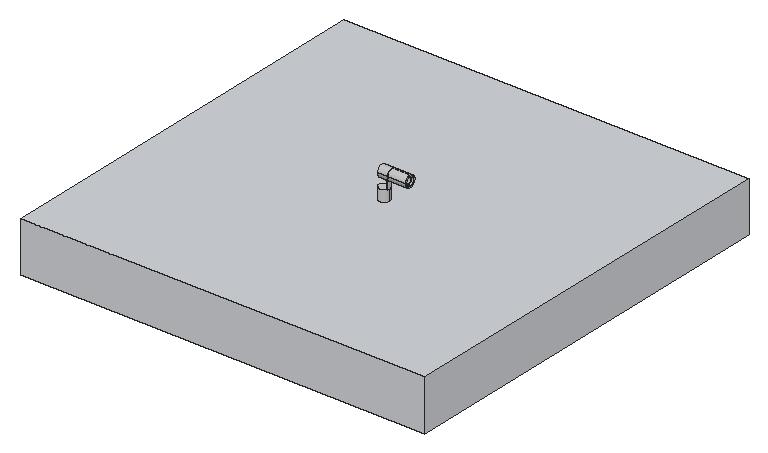
Revit family "LAMP_HANCE SURFACE MEDIUM FLOOD", category Modelos genéricos, Revit 2015
Parameters (values of type "1612LM 3000 BLACK")
  Weight = 0.72 kg
  Type = "COB PHILIPS"
  Total height = 248 mm
  Tilting angle [instance] = 90.00°
  Tilting [instance] = if(Tilting angle < 0.00°, 0.00°, if(Tilting angle > 90.00°, 90.00°, Tilting angle))  # 90.00°
  Rotation angle [instance] = 0.00°
  Rotation [instance] = if(Rotation angle < 0.00°, 90.00°, if(Rotation angle > 355.00°, 85.00°, Rotation angle + 90.00°))  # 90.00°
  Radio bse surface = if(Longitud cuerpo = 210 mm, 45 mm, 32.5 mm)  # 32.5 mm
  Protection rating = "IP20"
  Profundidad tija = if(Longitud cuerpo = 210 mm, 18 mm, 8.2 mm)  # 8.2 mm
  Product datasheet = "http://www.lamp.es/product-files/TECH/HS1SF20MF830NBB-EN.pdf"
  Product code = "HS1SF20MF830NBB"
  Product URL = "http://www.lamp.es/en/family/hance_173901"
  Power Supply = "220-240V 50-60Hz"
  Power = 18 W
  Plum = 21 W
  Photometric web file = Cuerpo Hance SURFACE MEDIUM FLOOD (tilting) : 1612LM 3000 BLACK
  Modelo = Product code  # "HS1SF20MF830NBB"
  Model explanation = "Availability of tilting between 0º and 90º, rotation between 0º and 355º and change ring color when placed in a project."
  Material base = LAMP_Aluminio Hance Negro
  Material tija = LAMP_Aluminio Hance Negro
  Manufacturer name = "LAMP"
  Manufacturer country = "Spain"
  Manufacturer URL = "http://www.lamp.es/en"
  MacAdam = "3"
  Luminaire type = "Indoor - Spotlight"
  Longitud cuerpo = 170 mm
  Longitud aro = if(Longitud cuerpo = 135 mm, 63.6 mm, if(Longitud cuerpo = 170 mm, 98.6 mm, 138.6 mm))  # 98.6 mm
  Last update = "08/08/2018"
  Lamp = "LED COB"
  LED Lifetime = "50.000 L80 B10"
  Insulation class = "I"
  Installation instructions = "http://www.lamp.es/product-files/ins/1004280%20-%20instr.%20hance%20spotlight%20220v.pdf"
  Initial intensity = 1612 lm
  Initial color = 3000 K
  IEE = "A+"
  Gear = "Electronic"
  Finish = "Texturised black"
  Fabricante = Manufacturer name  # "LAMP"
  Default Elevation = 1219.2 mm
  Efficacy = 76.74 lm/W
  Diameter = 65 mm
  Descripción = "HANCE SUR 2000 WW MFL BK."
  Decorative ring [instance] = Aro decorativo (tilting) : Black
  Comentarios de tipo = Model explanation  # "Availability of tilting between 0º and 90º, rotation between 0º and 355º and change ring color when placed in a project."
  CRI = "80"
  Body height = 170 mm
  Angulo aro [instance] = if(Tilting = 90.00°, 90.00°, -Tilting + 180.00°)  # 90.00°
  Anchura tija = if(Longitud cuerpo = 210 mm, 28 mm, 23 mm)  # 23 mm
  Altura tija = if(Longitud cuerpo = 210 mm, 49 mm, 63 mm)  # 63 mm
Types (17, lengths in mm): name | Weight | Total height | Radio bse surface | Profundidad tija | Product datasheet | Product code | Power | Plum | Photometric web file | Modelo | Material base | Material tija | Luminaire type | Longitud cuerpo | Longitud aro | LED Lifetime | Initial intensity | Initial color | IEE | Finish | Efficacy | Diameter | Descripción | Body height | Anchura tija | Altura tija
  (no name) | 0.72 kg | 248 | 32.5 | 8.2 | "http://www.lamp.es/product-files/TECH/HS1SF20MF830NBB-EN.pdf" | "HS1SF20MF830NBB" | 18 W | 21 W | Cuerpo Hance SURFACE MEDIUM FLOOD (tilting) : 1612LM 3000 BLACK | "HS1SF20MF830NBB" | LAMP_Aluminio Hance Negro | LAMP_Aluminio Hance Negro | "Indoor - Spotlight" | 170 | 98.6 | "50.000 L80 B10" | 1612 lm | 3000 K | "A+" | "Texturised black" | 76.74 lm/W | 65 | "HANCE SUR 2000 WW MFL BK." | 170 | 23 | 63
  751LM 3000 BLACK | 0.625 kg | 214 | 32.5 | 8.2 | "http://www.lamp.es/product-files/TECH/HS1SF10MF830NBB-EN.pdf" | "HS1SF10MF830NBB" | 7 W | 8.2 W | Cuerpo Hance SURFACE MEDIUM FLOOD (tilting) : 751LM 3000 BLACK | "HS1SF10MF830NBB" | LAMP_Aluminio Hance Negro | LAMP_Aluminio Hance Negro | "Indoor - Spotlight" | 135 | 63.6 | "50.000 L90 B10" | 751 lm | 3000 K | "A+" | "Texturised black" | 91.63 lm/W | 65 | "HANCE SUR 1000 WW MFL BK." | 135 | 23 | 63
  751LM 3000 WHITE | 0.62 kg | 214 | 32.5 | 8.2 | "http://www.lamp.es/product-files/TECH/HS1SF10MF830NBW-EN.pdf" | "HS1SF10MF830NBW" | 7 W | 8.2 W | Cuerpo Hance SURFACE MEDIUM FLOOD (tilting) : 751LM 3000 WHITE | "HS1SF10MF830NBW" | LAMP_Aluminio Hance Blanco | LAMP_Aluminio Hance Blanco | "Indoor - Spotlight" | 135 | 63.6 | "50.000 L90 B10" | 751 lm | 3000 K | "A+" | "Texturised matt white" | 91.63 lm/W | 65 | "HANCE SUR 1000 WW MFL WH." | 135 | 23 | 63
  794LM 4000 BLACK | 0.62 kg | 214 | 32.5 | 8.2 | "http://www.lamp.es/product-files/TECH/HS1SF10MF840NBB-EN.pdf" | "HS1SF10MF840NBB" | 7 W | 8.2 W | Cuerpo Hance SURFACE MEDIUM FLOOD (tilting) : 794LM 4000 BLACK | "HS1SF10MF840NBB" | LAMP_Aluminio Hance Negro | LAMP_Aluminio Hance Negro | "Indoor - Spotlight" | 135 | 63.6 | "50.000 L90 B10" | 794 lm | 4000 K | "A++" | "Texturised black" | 96.83 lm/W | 65 | "HANCE SUR 1000 NW MFL BK." | 135 | 23 | 63
  794LM 4000 WHITE | 0.62 kg | 214 | 32.5 | 8.2 | "http://www.lamp.es/product-files/TECH/HS1SF10MF840NBW-EN.pdf" | "HS1SF10MF840NBW" | 7 W | 8.2 W | Cuerpo Hance SURFACE MEDIUM FLOOD (tilting) : 794LM 4000 WHITE | "HS1SF10MF840NBW" | LAMP_Aluminio Hance Blanco | LAMP_Aluminio Hance Blanco | "Indoor - spotlight" | 135 | 63.6 | "50.000 L90 B10" | 794 lm | 4000 K | "A++" | "Texturised matt white" | 96.83 lm/W | 65 | "HANCE SUR 1000 NW MFL WH." | 135 | 23 | 63
  1612LM 3000 BLACK | 0.72 kg | 248 | 32.5 | 8.2 | "http://www.lamp.es/product-files/TECH/HS1SF20MF830NBB-EN.pdf" | "HS1SF20MF830NBB" | 18 W | 21 W | Cuerpo Hance SURFACE MEDIUM FLOOD (tilting) : 1612LM 3000 BLACK | "HS1SF20MF830NBB" | LAMP_Aluminio Hance Negro | LAMP_Aluminio Hance Negro | "Indoor - Spotlight" | 170 | 98.6 | "50.000 L80 B10" | 1612 lm | 3000 K | "A+" | "Texturised black" | 76.74 lm/W | 65 | "HANCE SUR 2000 WW MFL BK." | 170 | 23 | 63
  1612LM 3000 WHITE | 0.72 kg | 248 | 32.5 | 8.2 | "http://www.lamp.es/product-files/TECH/HS1SF20MF830NBW-EN.pdf" | "HS1SF20MF830NBW" | 18 W | 21 W | Cuerpo Hance SURFACE MEDIUM FLOOD (tilting) : 1612LM 3000 WHITE | "HS1SF20MF830NBW" | LAMP_Aluminio Hance Blanco | LAMP_Aluminio Hance Blanco | "Indoor - Spotlight" | 170 | 98.6 | "50.000 L80 B10" | 1612 lm | 3000 K | "A+" | "Texturised matt white" | 76.74 lm/W | 65 | "HANCE SUR 2000 WW MFL WH." | 170 | 23 | 63
  1703LM 4000 BLACK | 0.72 kg | 248 | 32.5 | 8.2 | "http://www.lamp.es/product-files/TECH/HS1SF20MF840NBB-EN.pdf" | "HS1SF20MF840NBB" | 18 W | 21 W | Cuerpo Hance SURFACE MEDIUM FLOOD (tilting) : 1703LM 4000 BLACK | "HS1SF20MF840NBB" | LAMP_Aluminio Hance Negro | LAMP_Aluminio Hance Negro | "Indoor - Spotlight" | 170 | 98.6 | "50.000 L80 B10" | 1703 lm | 4000 K | "A+" | "Texturised black" | 81.09 lm/W | 65 | "HANCE SUR 2000 NW MFL BK." | 170 | 23 | 63
  1703LM 4000 WHITE | 0.72 kg | 248 | 32.5 | 8.2 | "http://www.lamp.es/product-files/TECH/HS1SF20MF840NBW-EN.pdf" | "HS1SF20MF840NBW" | 18 W | 21 W | Cuerpo Hance SURFACE MEDIUM FLOOD (tilting) : 1703LM 4000 WHITE | "HS1SF20MF840NBW" | LAMP_Aluminio Hance Blanco | LAMP_Aluminio Hance Blanco | "Indoor - Spotlight" | 170 | 98.6 | "50.000 L80 B10" | 1703 lm | 4000 K | "A+" | "Texturised matt white" | 81.09 lm/W | 65 | "HANCE SUR 2000 NW MFL WH." | 170 | 23 | 63
  2625LM 3000 BLACK | 1.34 kg | 290 | 45 | 18 | "http://www.lamp.es/product-files/TECH/HS1SF30MF840NBB-EN.pdf" | "HS1SF30MF830NBB" | 26 W | 28.6 W | Cuerpo Hance SURFACE MEDIUM FLOOD (tilting) : 2625LM 3000 BLACK | "HS1SF30MF830NBB" | LAMP_Aluminio Hance Negro | LAMP_Aluminio Hance Negro | "Indoor - Spotlight" | 210 | 138.6 | "50.000 L80 B10" | 2625 lm | 3000 K | "A+" | "Texturised black" | 91.77 lm/W | 90 | "HANCE SUR 3000 WW MFL BK." | 210 | 28 | 49
  2625LM 3000 WHITE | 1.34 kg | 290 | 45 | 18 | "http://www.lamp.es/product-files/TECH/HS1SF30MF830NBW-EN.pdf" | "HS1SF30MF830NBW" | 26 W | 28.6 W | Cuerpo Hance SURFACE MEDIUM FLOOD (tilting) : 2625LM 3000 WHITE | "HS1SF30MF830NBW" | LAMP_Aluminio Hance Blanco | LAMP_Aluminio Hance Blanco | "Indoor - Spotlight" | 210 | 138.6 | "50.000 L80 B10" | 2625 lm | 3000 K | "A+" | "Texturised matt white" | 91.77 lm/W | 90 | "HANCE SUR 3000 WW MFL WH." | 210 | 28 | 49
  2744LM 4000 BLACK | 1.34 kg | 290 | 45 | 18 | "http://www.lamp.es/product-files/TECH/HS1SF30MF840NBB-EN.pdf" | "HS1SF30MF840NBB" | 26 W | 28.6 W | Cuerpo Hance SURFACE MEDIUM FLOOD (tilting) : 2744LM 4000 BLACK | "HS1SF30MF840NBB" | LAMP_Aluminio Hance Negro | LAMP_Aluminio Hance Negro | "Indoor - Spotlight" | 210 | 138.6 | "50.000 L80 B10" | 2744 lm | 4000 K | "A+" | "Texturised black" | 95.94 lm/W | 90 | "HANCE SUR 3000 NW MFL BK." | 210 | 28 | 49
  2744LM 4000 WHITE | 1.34 kg | 290 | 45 | 18 | "http://www.lamp.es/product-files/TECH/HS1SF30MF840NBW-EN.pdf" | "HS1SF30MF840NBW" | 26 W | 28.6 W | Cuerpo Hance SURFACE MEDIUM FLOOD (tilting) : 2744LM 4000 WHITE | "HS1SF30MF840NBW" | LAMP_Aluminio Hance Blanco | LAMP_Aluminio Hance Blanco | "Indoor - Spotlight" | 210 | 138.6 | "50.000 L80 B10" | 2744 lm | 4000 K | "A+" | "Texturised matt white" | 95.94 lm/W | 90 | "HANCE SUR 3000 NW MFL WH." | 210 | 28 | 49
  3387LM 3000 BLACK | 1.34 kg | 290 | 45 | 18 | "http://www.lamp.es/product-files/TECH/HS1SF40MF830NBB-EN.pdf" | "HS1SF40MF830NBB" | 35 W | 39.5 W | Cuerpo Hance SURFACE MEDIUM FLOOD (tilting) : 3387LM 3000 BLACK | "HS1SF40MF830NBB" | LAMP_Aluminio Hance Negro | LAMP_Aluminio Hance Negro | "Indoor - Spotlight" | 210 | 138.6 | "50.000 L80 B10" | 3387 lm | 3000 K | "A+" | "Texturised black" | 85.75 lm/W | 90 | "HANCE SUR 4000 WW MFL BK." | 210 | 28 | 49
  3387LM 3000 WHITE | 1.34 kg | 290 | 45 | 18 | "http://www.lamp.es/product-files/TECH/HS1SF40MF830NBW-EN.pdf" | "HS1SF40MF830NBW" | 35 W | 39.5 W | Cuerpo Hance SURFACE MEDIUM FLOOD (tilting) : 3387LM 3000 WHITE | "HS1SF40MF830NBW" | LAMP_Aluminio Hance Blanco | LAMP_Aluminio Hance Blanco | "Indoor - Spotlight" | 210 | 138.6 | "50.000 L80 B10" | 3387 lm | 3000 K | "A+" | "Texturised matt white" | 85.75 lm/W | 90 | "HANCE SUR 4000 WW MFL WH." | 210 | 28 | 49
  3527LM 4000 BLACK | 1.34 kg | 290 | 45 | 18 | "http://www.lamp.es/product-files/TECH/HS1SF40MF840NBB-EN.pdf" | "HS1SF40MF840NBB" | 35 W | 39.5 W | Cuerpo Hance SURFACE MEDIUM FLOOD (tilting) : 3527LM 4000 BLACK | "HS1SF40MF840NBB" | LAMP_Aluminio Hance Negro | LAMP_Aluminio Hance Negro | "Indoor - Spotlight" | 210 | 138.6 | "50.000 L80 B10" | 3527 lm | 4000 K | "A+" | "Texturised black" | 89.29 lm/W | 90 | "HANCE SUR 4000 NW MFL BK." | 210 | 28 | 49
  3527LM 4000 WHITE | 1.34 kg | 290 | 45 | 18 | "http://www.lamp.es/product-files/TECH/HS1SF40MF840NBW-EN.pdf" | "HS1SF40MF840NBW" | 35 W | 39.5 W | Cuerpo Hance SURFACE MEDIUM FLOOD (tilting) : 3527LM 4000 WHITE | "HS1SF40MF840NBW" | LAMP_Aluminio Hance Blanco | LAMP_Aluminio Hance Blanco | "Indoor - Spotlight" | 210 | 138.6 | "50.000 L80 B10" | 3527 lm | 4000 K | "A+" | "Texturised matt white" | 89.29 lm/W | 90 | "HANCE SUR 4000 NW MFL WH." | 210 | 28 | 49
Reference planes
  plane 1 "Centro (Frontal/Posterior)": y = 0
  plane 2: z = 0
  plane 3 "Centro (Izquierda/Derecha)": x = 0
Forms (mm)
  Extrusion 1, solid
    sketch origin (0, 0, 0) x (1, 0, 0) y (0, 1, 0)
      loop
        line (-1219.2, 1219.2) -> (-1219.2, -1219.2) -> (1219.2, -1219.2) -> (1219.2, 1219.2) -> (-1219.2, 1219.2)
    from 0 to -304.8
  Extrusion 2, solid, material "LAMP_Aluminio Hance Negro" <- "Material base"
    sketch origin (0, 0, 0) x (1, 0, 0) y (0, 1, 0)
      loop
        circle (-0.525, 0) r 32.5
    from 0 to 64
Lines and regions (mm)
  reference lines
    curve 1: line (0, 0, 0) -> (50, 0, 0)
Text (mm)
  text "Any modification of the parameters and properties of the LAMP BIM models must be executed and validated by the LAMP technical department.\n\nPhone: +34 93 736 68 00\n\nE-mail: lamp@lamp.es\n\n\n\nLAMP reserves the right to modify the technical specifications of its products." at (-21121.101, 14209.599, -7381.955), in view "Preview"
Dimensions and locks
  "Radio bse surface": radius of Extrusion 2 sketch curve
  "Rotation": angle curve 1 to plane 3 "Centro (Izquierda/Derecha)"
  aligned and locked: plane 2 to Extrusion 1
  aligned and locked: level to Extrusion 1
  aligned and locked: plane 3 "Centro (Izquierda/Derecha)" to curve 1
  aligned and locked: plane 1 "Centro (Frontal/Posterior)" to curve 1
Automatic sketch dimensions
  Extrusion 1 sketch curve to Extrusion 1 sketch curve = 2438.4 mm  (x2)
  Extrusion 2 sketch curve to curve 1 = 0 mm
  Extrusion 2 sketch curve to curve 1 = 0.525 mm
Nested families
  nested 1: "Aro decorativo (tilting)" at (27.693, 0, 119.12) x (1, 0, 0) z (0, 0, -1), type <- "Decorative ring", type "Black"
    with Longitud 98.6 mm
  nested 2: "Tija track" at (29.312, 0, 64), type "Tija track"
  nested 3: "Cuerpo Hance SURFACE MEDIUM FLOOD (tilting)" at (27.675, 0, 119.145) x (1, 0, 0) z (0, 0, -1), type <- "Photometric web file", type "1612LM 3000 BLACK"
Connectors
  electrical at (-0.525, 0, 0)
    settings: on Extrusion 2, index 1, voltage 230 V, apparent load 0 VA, apparent load phase1 0 VA, apparent load phase2 0 VA, apparent load phase3 0 VA, power factor 1, load classification "Otro", number of poles 1, system type 31, power factor state 1, is connector primary yes, connector utility no, sub classification motor no, connector description ""
Definition of nested family "Aro decorativo (tilting)"
  Parameters (values of type "Copper")
    Weight (3000/4000) = 0.016 kg
    Weight (1000/2000) = 0.01 kg
    Tilting = 90.00°
    Product datasheet = ""
    Product code (3000/4000) = "HSRI90C"
    Product code (1000/2000) = "HSRI65C"
    Product URL = ""
    Model = ""
    Material aro = none
    Manufacturer name = "LAMP"
    Manufacturer country = "Spain"
    Manufacturer URL = "http://www.lamp.es/en"
    Longitud = 63.6 mm
    Last update = "21/05/2018"
    Installation instructions = ""
    Finish = "Metalized matt copper"
    Manufacturer = Manufacturer name  # "LAMP"
    Default Elevation = 1219.2 mm
    Diameter (3000/4000) = 90 mm
    Diameter (1000/2000) = 65 mm
    Description = ""
    Accessory Type = "Optic"
    3000/4000 Model = "HSRI90C"
    3000/4000 Description = "HANCE 3000/4000 ACC. RING DECO CO."
    1000/2000 Model = "HSRI65C"
    1000/2000 Description = "HANCE 1000/2000 ACC. RING DECO CO."
  Types (5, lengths in mm): name | Product code (3000/4000) | Product code (1000/2000) | Finish | 3000/4000 Model | 3000/4000 Description | 1000/2000 Model | 1000/2000 Description
    (no name) | "HSRI90C" | "HSRI65C" | "Metalized matt copper" | "HSRI90C" | "HANCE 3000/4000 ACC. RING DECO CO." | "HSRI65C" | "HANCE 1000/2000 ACC. RING DECO CO."
    Black | "HSRI90B" | "HSRI65B" | "Matt black" | "HSRI90B" | "HANCE 3000/4000 ACC. RING DECO BK." | "HSRI65B" | "HANCE 1000/2000 ACC. RING DECO BK."
    Copper | "HSRI90C" | "HSRI65C" | "Metalized matt copper" | "HSRI90C" | "HANCE 3000/4000 ACC. RING DECO CO." | "HSRI65C" | "HANCE 1000/2000 ACC. RING DECO CO."
    Grey | "HSRI90M" | "HSRI65M" | "Metalized matt silver" | "HSRI90M" | "HANCE 3000/4000 ACC. RING DECO MET." | "HSRI65M" | "HANCE 1000/2000 ACC. RING DECO MET."
    White | "HSRI90W" | "HSRI65W" | "Matt White" | "HSRI90W" | "HANCE 3000/4000 ACC. RING DECO WH." | "HSRI65W" | "HANCE 1000/2000 ACC. RING DECO WH."
  Reference planes
    plane 1 "Centro (Frontal/Posterior)": y = 0
    plane 2: z = 0
    plane 3 "Centro (Izquierda/Derecha)": x = 0
  Lines and regions (mm)
    reference lines
      curve 1: line (0, 0, 0) -> (0, 0, -27.9)
      curve 2: line (0, 0, -27.9) -> (80.8, 0, -27.9)
  Text (mm)
    text "Any modification of the parameters and properties of the LAMP BIM models must be executed and validated by the LAMP technical department.\n\nPhone: +34 93 736 68 00\n\nE-mail: lamp@lamp.es\n\n\n\nLAMP reserves the right to modify the technical specifications of its products." at (86527.204, -96597.187, 50741.736), in view "Preview"
  Dimensions and locks
    "Tilting": angle curve 1 to plane 2
    aligned and locked: level to plane 2
    aligned and locked: plane 3 "Centro (Izquierda/Derecha)" to curve 1
    aligned and locked: plane 2 to curve 1
  Automatic sketch dimensions
    curve 2 to curve 1 = 0 mm
    curve 1 to curve 2 = 0 mm
    curve 1 to curve 2 = 80.8 mm
  Nested families
    nested 1: "Aro decorativo" at (17.2, 0, 0), type "Copper"
  Definition of nested family "Aro decorativo"
    Parameters (values of type "Copper")
      Weight (3000/4000) = 0.016 kg
      Weight (1000/2000) = 0.01 kg
      Product datasheet = ""
      Product code (3000/4000) = "HSRI90C"
      Product code (1000/2000) = "HSRI65C"
      Product URL = ""
      Model = ""
      Material aro = none
      Manufacturer name = "LAMP"
      Manufacturer country = "Spain"
      Manufacturer URL = "http://www.lamp.es/en"
      Longitud = 63.6 mm
      Last update = "21/05/2018"
      Installation instructions = ""
      Finish = "Metalized matt copper"
      Manufacturer = Manufacturer name  # "LAMP"
      Default Elevation = 1219.2 mm
      Diametro vaciado aro interior = if(Diametro aro interior = 35.4 mm, 34.4 mm, 21.9 mm)  # 21.9 mm
      Diametro vaciado aro exterior = if(Diametro aro exterior = 42.9 mm, 41.9 mm, 29.4 mm)  # 29.4 mm
      Diametro aro interior = if(Diametro aro exterior = 42.9 mm, 35.4 mm, 22.9 mm)  # 22.9 mm
      Diametro aro exterior = if(Longitud = 138.6 mm, 42.9 mm, 30.4 mm)  # 30.4 mm
      Diameter (3000/4000) = 90 mm
      Diameter (1000/2000) = 65 mm
      Description = ""
      Accessory Type = "Optic"
      3000/4000 Model = "HSRI90C"
      3000/4000 Description = "HANCE 3000/4000 ACC. RING DECO CO."
      1000/2000 Description = "HANCE 1000/2000 ACC. RING DECO CO."
      1000/2000 Model = "HSRI65C"
    Types (5, lengths in mm): name | Product code (3000/4000) | Product code (1000/2000) | Finish | 3000/4000 Model | 3000/4000 Description | 1000/2000 Description | 1000/2000 Model
      (no name) | "HSRI90C" | "HSRI65C" | "Metalized matt copper" | "HSRI90C" | "HANCE 3000/4000 ACC. RING DECO CO." | "HANCE 1000/2000 ACC. RING DECO CO." | "HSRI65C"
      Black | "HSRI90B" | "HSRI65B" | "Matt black" | "HSRI90B" | "HANCE 3000/4000 ACC. RING DECO BK." | "HANCE 1000/2000 ACC. RING DECO BK." | "HSRI65B"
      Copper | "HSRI90C" | "HSRI65C" | "Metalized matt copper" | "HSRI90C" | "HANCE 3000/4000 ACC. RING DECO CO." | "HANCE 1000/2000 ACC. RING DECO CO." | "HSRI65C"
      Grey | "HSRI90M" | "HSRI65M" | "Metalized matt silver" | "HSRI90M" | "HANCE 3000/4000 ACC. RING DECO MET." | "HANCE 1000/2000 ACC. RING DECO MET." | "HSRI65M"
      White | "HSRI90W" | "HSRI65W" | "Matt white" | "HSRI90W" | "HANCE 3000/4000 ACC. RING DECO WH." | "HANCE 1000/2000 ACC. RING DECO WH." | "HSRI65W"
    Reference planes
      plane 1 "Centro (Frontal/Posterior)": y = 0
      plane 2: z = 0
      plane 3 "Centro (Izquierda/Derecha)": x = 0
    Forms (mm)
      Revolve 1, solid, material <- "Material aro"
        sketch origin (0, 0, -27.9) x (1, 0, 0) y (0, 0, 1)
          loop
            line (63.6, 0) -> (73.782, 0) -> (73.782, 30.4) -> (63.6, 22.9) -> (63.6, 0)
          axis (73.782, 0) -> (63.6, 0)
        angle from 0 to 360
      Revolve 2, void
        sketch origin (0, 0, -27.9) x (1, 0, 0) y (0, 0, 1)
          loop
            line (73.782, 29.4) -> (63.6, 21.9) -> (63.6, 0) -> (73.782, 0) -> (73.782, 29.4)
          axis (63.6, 0) -> (73.782, 0)
        angle from 0 to 360
    Cuts and joins
      Revolve 2 cuts Revolve 1
    Lines and regions (mm)
      reference lines
        curve 1: line (0, 0, -27.9) -> (63.6, 0, -27.9)
    Text (mm)
      text "Any modification of the parameters and properties of the LAMP BIM models must be executed and validated by the LAMP technical department.\n\nPhone: +34 93 736 68 00\n\nE-mail: lamp@lamp.es\n\n\n\nLAMP reserves the right to modify the technical specifications of its products." at (91886.357, -93022.329, 47898.266), in view "Preview"
    Dimensions and locks
      "Diametro aro exterior": Revolve 1 sketch curve to Revolve 1 sketch curve
      "Diametro vaciado aro exterior": Revolve 2 sketch curve to Revolve 2 sketch curve
      "Longitud": curve 1 to plane 3 "Centro (Izquierda/Derecha)"
      "Diametro aro interior": Revolve 1 sketch curve to Revolve 1 sketch curve
      "Diametro vaciado aro interior": Revolve 2 sketch curve to Revolve 2 sketch curve
      aligned and locked: level to plane 2
    Automatic sketch dimensions
      Revolve 1 sketch curve to curve 1 = 0 mm  (x4)
      curve 1 to Revolve 1 sketch curve = 10.182 mm
      Revolve 1 sketch curve to Revolve 1 sketch curve = 0 mm
      Revolve 2 sketch curve to curve 1 = 0 mm  (x3)
      curve 1 to Revolve 2 sketch curve = 10.182 mm
      Revolve 2 sketch curve to curve 1 = 1261.008 mm
      Revolve 2 sketch curve to Revolve 2 sketch curve = 1898.983 mm
      curve 1 to plane 3 "Centro (Izquierda/Derecha)" = 0 mm
      curve 1 to level = 27.9 mm
Definition of nested family "Tija track"
  Parameters (values of type "Tija track")
    Profundidad tija = 8.2 mm
    Material tija = none
    Default Elevation = 1219.2 mm
    Anchura tija = 23 mm
    Profundo vaciado = if(Profundidad tija = 18 mm, 10.8 mm, 1 mm)  # 1 mm
    Ancho vaciado = Anchura tija  # 23 mm
    Altura tija = 63 mm
  Reference planes
    plane 1 "Centro (Frontal/Posterior)": y = 0
    plane 2: z = 0
    plane 3 "Centro (Izquierda/Derecha)": x = 0
  Forms (mm)
    Extrusion 1, solid
      sketch origin (0, 0, 0) x (1, 0, 0) y (0, 1, 0)
        loop
          line (-1219.2, 1219.2) -> (-1219.2, -1219.2) -> (1219.2, -1219.2) -> (1219.2, 1219.2) -> (-1219.2, 1219.2)
      from 0 to -304.8
    Extrusion 2, solid, material <- "Material tija"
      sketch origin (0, 0, -18) x (1, 0, 0) y (0, 0, 1)
        loop
          line (4.1, 18) -> (4.1, 81) -> (-6.297, 81)
          arc (-6.297, 81) -> (-12.297, 75) -> (-6.297, 69) r 6
          line (-6.297, 69) -> (-4.1, 69) -> (-4.1, 18) -> (4.1, 18)
      from -11.5 to 11.5
    Extrusion 3, void
      sketch origin (0, 0, -20) x (-1, 0, 0) y (0, 0, 1)
        loop
          circle (7.297, 77) r 3
        loop
          circle (7.297, 63) r 3
      from -17.317 to 15.502
    Extrusion 4, void
      sketch origin (1, -11.5, 0) x (-1, 0, 0) y (0, 1, 0)
        loop
          line (0, 23) -> (-38.141, 23) -> (-38.141, 0) -> (0, 0)
          arc (0, 0) -> (-1.663, 11.5) -> (0, 23) r 40.6
      from -63 to 0
  Cuts and joins
    Extrusion 3, Extrusion 4 cuts Extrusion 2
  Lines and regions (mm)
    reference lines
      curve 1: line (1, -11.5, 0) -> (1, 11.5, 0)
  Dimensions and locks
    equal spacing: cut or joined group of Extrusion 2, Extrusion 3, Extrusion 4, plane 1 "Centro (Frontal/Posterior)", cut or joined group of Extrusion 2, Extrusion 3, Extrusion 4
    "Anchura tija": cut or joined group of Extrusion 2, Extrusion 3, Extrusion 4 to cut or joined group of Extrusion 2, Extrusion 3, Extrusion 4
    plane 1 "Centro (Frontal/Posterior)" to Extrusion 4 sketch curve = 11.5 mm
    "Altura tija": Extrusion 2 sketch curve to Extrusion 2 sketch curve
    "Profundidad tija": cut or joined group of Extrusion 2, Extrusion 3, Extrusion 4 to cut or joined group of Extrusion 2, Extrusion 3, Extrusion 4
    locked: cut or joined group of Extrusion 2, Extrusion 3, Extrusion 4 to plane 3 "Centro (Izquierda/Derecha)" at 4.1
    locked: plane 3 "Centro (Izquierda/Derecha)" to Extrusion 4 sketch curve at 39.141
    "Profundo vaciado": plane 3 "Centro (Izquierda/Derecha)" to curve 1
    "Ancho vaciado": Extrusion 4 sketch curve to Extrusion 4 sketch curve
    equal spacing: Extrusion 4 sketch curve, plane 1 "Centro (Frontal/Posterior)", Extrusion 4 sketch curve
    aligned and locked: plane 2 to Extrusion 1
    aligned and locked: level to Extrusion 1
  Automatic sketch dimensions
    Extrusion 1 sketch curve to Extrusion 1 sketch curve = 2438.4 mm  (x2)
    Extrusion 3 sketch curve to plane 3 "Centro (Izquierda/Derecha)" = 7.297 mm  (x2)
    level to Extrusion 3 sketch curve = 43 mm
    Extrusion 3 sketch curve to Extrusion 3 sketch curve = 14 mm
    Extrusion 2 sketch curve to level = 0 mm
    Extrusion 2 sketch curve to plane 3 "Centro (Izquierda/Derecha)" = 6.297 mm
    Extrusion 2 sketch curve to Extrusion 2 sketch curve = 2.197 mm
    plane 3 "Centro (Izquierda/Derecha)" to Extrusion 2 sketch curve = 4.1 mm
    Extrusion 2 sketch curve to Extrusion 2 sketch curve = 12 mm
    plane 1 "Centro (Frontal/Posterior)" to curve 1 = 11.5 mm
    curve 1 to plane 1 "Centro (Frontal/Posterior)" = 11.5 mm
    Extrusion 4 sketch curve to curve 1 = 0 mm  (x2)
    curve 1 to Extrusion 4 sketch curve = 38.937 mm
    radius of Extrusion 3 sketch curve = 3 mm  (x2)
Definition of nested family "Cuerpo Hance SURFACE MEDIUM FLOOD (tilting)"
  Parameters (values of type "751LM 3000 BLACK")
    Tilting = 90.00°
    Photometric web file = Cuerpo Hance SURFACE MEDIUM FLOOD : 751LM 3000 BLACK
    Longitud cuerpo = 135 mm
    Default Elevation = 1219.2 mm
  Types (16, lengths in mm): name | Photometric web file | Longitud cuerpo
    751LM 3000 BLACK | Cuerpo Hance SURFACE MEDIUM FLOOD : 751LM 3000 BLACK | 135
    751LM 3000 WHITE | Cuerpo Hance SURFACE MEDIUM FLOOD : 751LM 3000 WHITE | 135
    794LM 4000 BLACK | Cuerpo Hance SURFACE MEDIUM FLOOD : 794LM 4000 BLACK | 135
    794LM 4000 WHITE | Cuerpo Hance SURFACE MEDIUM FLOOD : 794LM 4000 WHITE | 135
    1612LM 3000 BLACK | Cuerpo Hance SURFACE MEDIUM FLOOD : 1612LM 3000 BLACK | 170
    1612LM 3000 WHITE | Cuerpo Hance SURFACE MEDIUM FLOOD : 1612LM 3000 WHITE | 170
    1703LM 4000 BLACK | Cuerpo Hance SURFACE MEDIUM FLOOD : 1703LM 4000 BLACK | 170
    1703LM 4000 WHITE | Cuerpo Hance SURFACE MEDIUM FLOOD : 1703LM 4000 WHITE | 170
    2625LM 3000 BLACK | Cuerpo Hance SURFACE MEDIUM FLOOD : 2625LM 3000 BLACK | 210
    2625LM 3000 WHITE | Cuerpo Hance SURFACE MEDIUM FLOOD : 2625LM 3000 WHITE | 210
    2744LM 4000 BLACK | Cuerpo Hance SURFACE MEDIUM FLOOD : 2744LM 4000 BLACK | 210
    2744LM 4000 WHITE | Cuerpo Hance SURFACE MEDIUM FLOOD : 2744LM 4000 WHITE | 210
    3387LM 3000 BLACK | Cuerpo Hance SURFACE MEDIUM FLOOD : 3387LM 3000 BLACK | 210
    3387LM 3000 WHITE | Cuerpo Hance SURFACE MEDIUM FLOOD : 3387LM 3000 WHITE | 210
    3527LM 4000 BLACK | Cuerpo Hance SURFACE MEDIUM FLOOD : 3527LM 4000 BLACK | 210
    3527LM 4000 WHITE | Cuerpo Hance SURFACE MEDIUM FLOOD : 3527LM 4000 WHITE | 210
  Reference planes
    plane 1 "Centro (Frontal/Posterior)": y = 0
    plane 2: z = 0
    plane 3 "Centro (Izquierda/Derecha)": x = 0
  Lines and regions (mm)
    reference lines
      curve 1: line (0, 0, 0) -> (200, 0, 0)
  Dimensions and locks
    "Tilting": angle plane 3 "Centro (Izquierda/Derecha)" to curve 1
    aligned and locked: level to plane 2
    aligned and locked: plane 3 "Centro (Izquierda/Derecha)" to curve 1
    aligned and locked: plane 2 to curve 1
  Nested families
    nested 1: "Cuerpo Hance SURFACE MEDIUM FLOOD" at (0, 0, 0), type <- "Photometric web file", type "751LM 3000 BLACK"
  Definition of nested family "Cuerpo Hance SURFACE MEDIUM FLOOD"
    Parameters (values of type "751LM 3000 BLACK")
      Tilt Angle = 90.00° + Tilting  # 180.00°
      Wattage = 8.2 W
      Tilting = 90.00°
      built-in parameter 1150107 = 3000 (stored number, unit not read)
      Radio vacio posterior = Radio cuerpo - 2.2 mm  # 30.3 mm
      Radio vaciado = Radio cuerpo - 1.5 mm  # 31 mm
      Radio cuerpo = if(Longitud cuerpo = 210 mm, 45 mm, 32.5 mm)  # 32.5 mm
      built-in parameter 1150110 = 1 (stored number, unit not read)
      built-in parameter 1150109 = 1 (stored number, unit not read)
      built-in parameter 1150112 = 1 (stored number, unit not read)
      built-in parameter 1150113 = 1 (stored number, unit not read)
      built-in parameter 1114218 = 1 (stored number, unit not read)
      built-in parameter 1150137 = (empty or 0)
      built-in parameter 1150132 = 2
      Material reflector = none
      Material cuerpo = none
      Material COB = none
      Longitud cuerpo = 135 mm
      Long. origen luz = if(Longitud cuerpo = 135 mm, 20 mm, if(Longitud cuerpo = 170 mm, 55 mm, 90 mm))  # 20 mm
      L_3 = if(Ancho disipador posterior = 80.4 mm, 39.6 mm, 12 mm)  # 12 mm
      L_2 = if(Ancho disipador posterior = 80.4 mm, 36.3 mm, 22.6 mm)  # 22.6 mm
      L_1 = if(Ancho disipador posterior = 80.4 mm, 36.8 mm, 25.4 mm)  # 25.4 mm
      built-in parameter 1150105 = 13113.2 (stored number, unit not read)
      built-in parameter 1150102 = (empty or 0)
      built-in parameter 1150106 = 131.13 (stored number, unit not read)
      Lumens = 751.366 lm
      Color Filter = 16777215
      built-in parameter 1114217 = 1 (stored number, unit not read)
      built-in parameter 1150139 = (empty or 0)
      Default Elevation = 1219.2 mm
      built-in parameter 1150104 = 8.5127 (stored number, unit not read)
      Efficacy = 91.63 lm/W
      Diametro aro = if(Radio cuerpo = 45 mm, 42.9 mm, 30.4 mm)  # 30.4 mm
      built-in parameter 1150115 = 1 (stored number, unit not read)
      built-in parameter 1150114 = 1 (stored number, unit not read)
      built-in parameter 1150138 = (empty or 0)
      built-in parameter 1150134 = (empty or 0)
      Dimming Lamp Color Temperature Shift = (empty or 0)
      Photometric Web File = "HS1TK10MF830NBB.IES"
      Ancho vaciado reflector = if(Radio cuerpo = 45 mm, 34.4 mm, 21.9 mm)  # 21.9 mm
      Ancho reflector = if(Radio cuerpo = 45 mm, 35.4 mm, 22.9 mm)  # 22.9 mm
      Ancho disipador posterior = if(Radio cuerpo = 32.5 mm, 53 mm, 80.4 mm)  # 53 mm
      built-in parameter 1150133 = 10 (stored number, unit not read)
      Altura disipador superior = if(Radio cuerpo = 45 mm, 23.9 mm, 36.9 mm)  # 36.9 mm
      Ancho disipador superior = if(Radio cuerpo = 45 mm, 28 mm, 22.6 mm)  # 22.6 mm
    Types (16, lengths in mm): name | Wattage | built-in parameter 1150107 | Radio vacio posterior | Radio vaciado | Radio cuerpo | Longitud cuerpo | Long. origen luz | L_3 | L_2 | L_1 | built-in parameter 1150105 | built-in parameter 1150106 | Lumens | built-in parameter 1150104 | Efficacy | Diametro aro | built-in parameter 1150134 | Photometric Web File | Ancho vaciado reflector | Ancho reflector | Ancho disipador posterior | Altura disipador superior | Ancho disipador superior
      751LM 3000 BLACK | 8.2 W | 3000 (stored number, unit not read) | 30.3 | 31 | 32.5 | 135 | 20 | 12 | 22.6 | 25.4 | 13113.2 (stored number, unit not read) | 131.13 (stored number, unit not read) | 751.366 lm | 8.5127 (stored number, unit not read) | 91.63 lm/W | 30.4 | (empty or 0) | "HS1TK10MF830NBB.IES" | 21.9 | 22.9 | 53 | 36.9 | 22.6
      751LM 3000 WHITE | 8.2 W | 3000 (stored number, unit not read) | 30.3 | 31 | 32.5 | 135 | 20 | 12 | 22.6 | 25.4 | 13113.2 (stored number, unit not read) | 131.13 (stored number, unit not read) | 751.366 lm | 8.5127 (stored number, unit not read) | 91.63 lm/W | 30.4 | (empty or 0) | "HS1TK10MF830NBW.IES" | 21.9 | 22.9 | 53 | 36.9 | 22.6
      794LM 4000 BLACK | 8.2 W | 4000 (stored number, unit not read) | 30.3 | 31 | 32.5 | 135 | 20 | 12 | 22.6 | 25.4 | 2917 (stored number, unit not read) | 29.17 (stored number, unit not read) | 794.006 lm | 8.9958 (stored number, unit not read) | 96.83 lm/W | 30.4 | 12 | "HS1TK10MF840NBB.IES" | 21.9 | 22.9 | 53 | 36.9 | 22.6
      794LM 4000 WHITE | 8.2 W | 4000 (stored number, unit not read) | 30.3 | 31 | 32.5 | 135 | 20 | 12 | 22.6 | 25.4 | 2917 (stored number, unit not read) | 29.17 (stored number, unit not read) | 794.006 lm | 8.9958 (stored number, unit not read) | 96.83 lm/W | 30.4 | 12 | "HS1TK10MF840NBW.IES" | 21.9 | 22.9 | 53 | 36.9 | 22.6
      1612LM 3000 BLACK | 21 W | 3000 (stored number, unit not read) | 30.3 | 31 | 32.5 | 170 | 55 | 12 | 22.6 | 25.4 | 5920.5 (stored number, unit not read) | 59.205 (stored number, unit not read) | 1611.54 lm | 7.1294 (stored number, unit not read) | 76.74 lm/W | 30.4 | (empty or 0) | "HS1TK20MF830NBB.IES" | 21.9 | 22.9 | 53 | 36.9 | 22.6
      1612LM 3000 WHITE | 21 W | 3000 (stored number, unit not read) | 30.3 | 31 | 32.5 | 170 | 55 | 12 | 22.6 | 25.4 | 5920.5 (stored number, unit not read) | 59.205 (stored number, unit not read) | 1611.54 lm | 7.1294 (stored number, unit not read) | 76.74 lm/W | 30.4 | (empty or 0) | "HS1TK20MF830NBW.IES" | 21.9 | 22.9 | 53 | 36.9 | 22.6
      1703LM 4000 BLACK | 21 W | 4000 (stored number, unit not read) | 30.3 | 31 | 32.5 | 170 | 55 | 12 | 22.6 | 25.4 | 5846.4 (stored number, unit not read) | 58.464 (stored number, unit not read) | 1702.89 lm | 7.5335 (stored number, unit not read) | 81.09 lm/W | 30.4 | 12 | "HS1TK20MF840NBB.IES" | 21.9 | 22.9 | 53 | 36.9 | 22.6
      1703LM 4000 WHITE | 21 W | 4000 (stored number, unit not read) | 30.3 | 31 | 32.5 | 170 | 55 | 12 | 22.6 | 25.4 | 5846.4 (stored number, unit not read) | 58.464 (stored number, unit not read) | 1702.89 lm | 7.5335 (stored number, unit not read) | 81.09 lm/W | 30.4 | 12 | "HS1TK20MF840NBW.IES" | 21.9 | 22.9 | 53 | 36.9 | 22.6
      2625LM 3000 BLACK | 28.6 W | 3000 (stored number, unit not read) | 42.8 | 43.5 | 45 | 210 | 90 | 39.6 | 36.3 | 36.8 | 9010.9 (stored number, unit not read) | 90.109 (stored number, unit not read) | 2624.62 lm | 8.5257 (stored number, unit not read) | 91.77 lm/W | 42.9 | (empty or 0) | "HS1TK30MF830NBB.IES" | 34.4 | 35.4 | 80.4 | 23.9 | 28
      2625LM 3000 WHITE | 28.6 W | 3000 (stored number, unit not read) | 42.8 | 43.5 | 45 | 210 | 90 | 39.6 | 36.3 | 36.8 | 9010.9 (stored number, unit not read) | 90.109 (stored number, unit not read) | 2624.62 lm | 8.5257 (stored number, unit not read) | 91.77 lm/W | 42.9 | (empty or 0) | "HS1TK30MF830NBW.IES" | 34.4 | 35.4 | 80.4 | 23.9 | 28
      2744LM 4000 BLACK | 28.6 W | 4000 (stored number, unit not read) | 42.8 | 43.5 | 45 | 210 | 90 | 39.6 | 36.3 | 36.8 | 12142 (stored number, unit not read) | 121.42 (stored number, unit not read) | 2743.88 lm | 8.9131 (stored number, unit not read) | 95.94 lm/W | 42.9 | 12 | "HS1TK30MF840NBB.IES" | 34.4 | 35.4 | 80.4 | 23.9 | 28
      2744LM 4000 WHITE | 28.6 W | 4000 (stored number, unit not read) | 42.8 | 43.5 | 45 | 210 | 90 | 39.6 | 36.3 | 36.8 | 12142 (stored number, unit not read) | 121.42 (stored number, unit not read) | 2743.88 lm | 8.9131 (stored number, unit not read) | 95.94 lm/W | 42.9 | 12 | "HS1TK30MF840NBW.IES" | 34.4 | 35.4 | 80.4 | 23.9 | 28
      3387LM 3000 BLACK | 39.5 W | 3000 (stored number, unit not read) | 42.8 | 43.5 | 45 | 210 | 90 | 39.6 | 36.3 | 36.8 | 14988.4 (stored number, unit not read) | 149.88 (stored number, unit not read) | 3387.13 lm | 7.9664 (stored number, unit not read) | 85.75 lm/W | 42.9 | (empty or 0) | "HS1TK40MF830NBB.IES" | 34.4 | 35.4 | 80.4 | 23.9 | 28
      3387LM 3000 WHITE | 39.5 W | 3000 (stored number, unit not read) | 42.8 | 43.5 | 45 | 210 | 90 | 39.6 | 36.3 | 36.8 | 14988.4 (stored number, unit not read) | 149.88 (stored number, unit not read) | 3387.13 lm | 7.9664 (stored number, unit not read) | 85.75 lm/W | 42.9 | (empty or 0) | "HS1TK40MF830NBW.IES" | 34.4 | 35.4 | 80.4 | 23.9 | 28
      3527LM 4000 BLACK | 39.5 W | 4000 (stored number, unit not read) | 42.8 | 43.5 | 45 | 210 | 90 | 39.6 | 36.3 | 36.8 | 15170.1 (stored number, unit not read) | 151.7 (stored number, unit not read) | 3526.96 lm | 8.2953 (stored number, unit not read) | 89.29 lm/W | 42.9 | 12 | "HS1TK40MF840NBB.IES" | 34.4 | 35.4 | 80.4 | 23.9 | 28
      3527LM 4000 WHITE | 39.5 W | 4000 (stored number, unit not read) | 42.8 | 43.5 | 45 | 210 | 90 | 39.6 | 36.3 | 36.8 | 15170.1 (stored number, unit not read) | 151.7 (stored number, unit not read) | 3526.96 lm | 8.2953 (stored number, unit not read) | 89.29 lm/W | 42.9 | 12 | "HS1TK40MF840NBW.IES" | 34.4 | 35.4 | 80.4 | 23.9 | 28
    Reference planes
      plane 1 "Centro (Frontal/Posterior)": y = 0
      plane 2: z = 0
      plane 3 "Centro (Izquierda/Derecha)": x = 0
    Forms (mm)
      Extrusion 1, solid, material <- "Material cuerpo"
        sketch origin (0, 0, 0) x (0, -1, 0) y (0, 0, 1)
          loop
            circle (0, -27.875) r 32.5
        from -93 to 42
      Extrusion 2, void
        sketch origin (0, 0, 0) x (0, 1, 0) y (0, 0, 1)
          loop
            line (11.3, 30) -> (-11.3, 30) -> (-11.3, -6.9)
            arc (-11.3, -6.9) -> (0, -7.855) -> (11.3, -6.9) r 67.349
            line (11.3, -6.9) -> (11.3, 30)
        from -42 to 9.4
      Extrusion 3, void
        sketch origin (0, 0, 0) x (0, 1, 0) y (0, 0, 1)
          loop
            circle (0, -27.875) r 30.3
        from -42 to -41
      Extrusion 4, void
        sketch origin (0, 0, 0) x (0, 1, 0) y (0, 0, 1)
          loop
            line (26.5, -26.291) -> (-26.5, -26.291)
            arc (-26.5, -26.291) -> (-27.7, -27.491) -> (-26.5, -28.691) r 1.2
            line (-26.5, -28.691) -> (26.5, -28.691)
            arc (26.5, -28.691) -> (27.7, -27.491) -> (26.5, -26.291) r 1.2
          loop
            line (26.115, -30.891) -> (-26.115, -30.891)
            arc (-26.115, -30.891) -> (-27.315, -32.091) -> (-26.115, -33.291) r 1.2
            line (-26.115, -33.291) -> (26.115, -33.291)
            arc (26.115, -33.291) -> (27.315, -32.091) -> (26.115, -30.891) r 1.2
          loop
            line (25.4, -35.55) -> (-24.915, -35.55)
            arc (-24.915, -35.55) -> (-26.115, -36.75) -> (-24.915, -37.95) r 1.2
            line (-24.915, -37.95) -> (25.4, -37.95)
            arc (25.4, -37.95) -> (26.6, -36.75) -> (25.4, -35.55) r 1.2
          loop
            line (22.6, -40.091) -> (-22.64, -40.091)
            arc (-22.64, -40.091) -> (-23.84, -41.291) -> (-22.64, -42.491) r 1.2
            line (-22.64, -42.491) -> (22.6, -42.491)
            arc (22.6, -42.491) -> (23.8, -41.291) -> (22.6, -40.091) r 1.2
          loop
            line (19.043, -44.691) -> (-19.086, -44.691)
            arc (-19.086, -44.691) -> (-20.286, -45.891) -> (-19.086, -47.091) r 1.2
            line (-19.086, -47.091) -> (19.043, -47.091)
            arc (19.043, -47.091) -> (20.243, -45.891) -> (19.043, -44.691) r 1.2
          loop
            line (15.357, -49.291) -> (-15.5, -49.291)
            arc (-15.5, -49.291) -> (-16.6, -50.391) -> (-15.5, -51.491) r 1.1
            line (-15.5, -51.491) -> (15.357, -51.491)
            arc (15.357, -51.491) -> (16.457, -50.391) -> (15.357, -49.291) r 1.1
          loop
            line (6, -53.691) -> (-6, -53.691)
            arc (-6, -53.691) -> (-7.1, -54.791) -> (-6, -55.891) r 1.1
            line (-6, -55.891) -> (6, -55.891)
            arc (6, -55.891) -> (7.1, -54.791) -> (6, -53.691) r 1.1
        from -42 to -38.7
      Extrusion 5, void
        sketch origin (0, 0, 0) x (-1, 0, 0) y (0, -1, 0)
          loop
            line (37.7, -9.12) -> (37.7, 9.12)
            arc (37.7, 9.12) -> (36.6, 10.22) -> (35.5, 9.12) r 1.1
            line (35.5, 9.12) -> (35.5, -9.12)
            arc (35.5, -9.12) -> (36.6, -10.22) -> (37.7, -9.12) r 1.1
          loop
            line (28.9, -9.12) -> (28.9, 9.12)
            arc (28.9, 9.12) -> (27.8, 10.22) -> (26.7, 9.12) r 1.1
            line (26.7, 9.12) -> (26.7, -9.12)
            arc (26.7, -9.12) -> (27.8, -10.22) -> (28.9, -9.12) r 1.1
          loop
            line (20.1, -9.12) -> (20.1, 9.12)
            arc (20.1, 9.12) -> (19, 10.22) -> (17.9, 9.12) r 1.1
            line (17.9, 9.12) -> (17.9, -9.12)
            arc (17.9, -9.12) -> (19, -10.22) -> (20.1, -9.12) r 1.1
        from -51.491 to 30
      Extrusion 6, void
        sketch origin (0, 0, 0) x (-1, 0, 0) y (0, -1, 0)
          loop
            line (33.3, -9.12) -> (33.3, 9.12)
            arc (33.3, 9.12) -> (32.2, 10.22) -> (31.1, 9.12) r 1.1
            line (31.1, 9.12) -> (31.1, -9.12)
            arc (31.1, -9.12) -> (32.2, -10.22) -> (33.3, -9.12) r 1.1
          loop
            line (24.5, -9.12) -> (24.5, 9.12)
            arc (24.5, 9.12) -> (23.4, 10.22) -> (22.3, 9.12) r 1.1
            line (22.3, 9.12) -> (22.3, -9.12)
            arc (22.3, -9.12) -> (23.4, -10.22) -> (24.5, -9.12) r 1.1
        from -8.232 to 30
      Extrusion 7, void
        sketch origin (0, 0, 0) x (0, 1, 0) y (0, 0, 1)
          loop
            circle (0, -27.875) r 31
        from 17.213 to 93
      Revolve 8, solid, material <- "Material reflector"
        sketch origin (0, 0, 0) x (1, 0, 0) y (0, 0, 1)
          loop
            line (60.5, -27.875) -> (80.818, -27.875) -> (80.818, -4.975) -> (60.5, -19.875) -> (60.5, -27.875)
          axis (60.5, -27.875) -> (80.818, -27.875)
        angle from 0 to 360
      Revolve 9, void
        sketch origin (0, 0, 0) x (1, 0, 0) y (0, 0, 1)
          loop
            line (80.818, -5.975) -> (61.5, -20.142) -> (60.5, -20.142) -> (60.5, -27.875) -> (61.5, -27.875) -> (80.818, -27.875) -> (80.818, -5.975)
          axis (80.818, -27.875) -> (60.5, -27.875)
        angle from 0 to 360
      Extrusion 10, solid, material <- "Material COB"
        sketch origin (0, 0, 0) x (0, -1, 0) y (0, 0, 1)
          loop
            circle (0, -27.875) r 7.733
        from -61.5 to -60.5
    Cuts and joins
      Extrusion 2, Extrusion 3, Extrusion 4, Extrusion 5, Extrusion 6, Extrusion 7 cuts Extrusion 1
      Revolve 9 cuts Revolve 8
    Lines and regions (mm)
      reference lines
        curve 1: line (0, 0, 0) -> (178.042, 0, 0)
        curve 2: line (93, 0, -27.875) -> (113, 0, -27.875)
        curve 3: line (0, 0, 0) -> (0, 0, -75)
        curve 4: line (93, 0, -22.875) -> (93, 0, -32.875)
    Text (mm)
      text "Any modification of the parameters and properties of the LAMP BIM models must be executed and validated by the LAMP technical department.\n\nPhone: +34 93 736 68 00\n\nE-mail: lamp@lamp.es\n\n\n\nLAMP reserves the right to modify the technical specifications of its products." at (97482.136, -81600.41, 57308.082), in view "Preview"
    Dimensions and locks
      locked: Revolve 9 sketch curve to cut or joined group of Extrusion 1, Extrusion 2, Extrusion 3, Extrusion 4, Extrusion 5, Extrusion 6, Extrusion 7 at 12.182
      "Longitud cuerpo": cut or joined group of Extrusion 1, Extrusion 2, Extrusion 3, Extrusion 4, Extrusion 5, Extrusion 6, Extrusion 7 to cut or joined group of Extrusion 1, Extrusion 2, Extrusion 3, Extrusion 4, Extrusion 5, Extrusion 6, Extrusion 7
      locked: cut or joined group of Extrusion 1, Extrusion 2, Extrusion 3, Extrusion 4, Extrusion 5, Extrusion 6, Extrusion 7 to curve 3 at 42
      locked: cut or joined group of Revolve 8, Revolve 9 to cut or joined group of Extrusion 1, Extrusion 2, Extrusion 3, Extrusion 4, Extrusion 5, Extrusion 6, Extrusion 7 at 12.182
      locked: cut or joined group of Revolve 8, Revolve 9 to cut or joined group of Revolve 8, Revolve 9 at 20.318
      locked: cut or joined group of Extrusion 1, Extrusion 2, Extrusion 3, Extrusion 4, Extrusion 5, Extrusion 6, Extrusion 7 to Extrusion 10 at 31.5
      locked: Extrusion 10 to Extrusion 10 at 1
      "Long. origen luz": curve 4 to curve 2
      equal spacing: Extrusion 4 sketch curve, plane 1 "Centro (Frontal/Posterior)", Extrusion 4 sketch curve  (x2)
      "Ancho disipador posterior": Extrusion 4 sketch curve to Extrusion 4 sketch curve
      "L_1": Extrusion 4 sketch curve to plane 1 "Centro (Frontal/Posterior)"
      "L_2": Extrusion 4 sketch curve to curve 3
      "L_3": Extrusion 4 sketch curve to Extrusion 4 sketch curve
      equal spacing: Extrusion 2 sketch curve, plane 1 "Centro (Frontal/Posterior)", Extrusion 2 sketch curve
      "Ancho disipador superior": Extrusion 2 sketch curve to Extrusion 2 sketch curve
      "Altura disipador superior": Extrusion 2 sketch curve to Extrusion 2 sketch curve
      locked: plane 2 to Extrusion 2 sketch curve at 30
      "Ancho reflector": Revolve 8 sketch curve to imposter light
      "Ancho vaciado reflector": Revolve 9 sketch curve to imposter light
      "Radio cuerpo": radius of Extrusion 1 sketch curve
      "Radio vaciado": radius of Extrusion 7 sketch curve
      "Radio vacio posterior": radius of Extrusion 3 sketch curve
      "Tilting": angle plane 3 "Centro (Izquierda/Derecha)" to curve 1
      aligned and locked: level to plane 2
      aligned and locked: imposter light to curve 2  (x2)
      aligned and locked: cut or joined group of Extrusion 1, Extrusion 2, Extrusion 3, Extrusion 4, Extrusion 5, Extrusion 6, Extrusion 7 to cut or joined group of Extrusion 1, Extrusion 2, Extrusion 3, Extrusion 4, Extrusion 5, Extrusion 6, Extrusion 7
    Automatic sketch dimensions
      curve 1 to Extrusion 5 sketch curve = 17.9 mm
      Extrusion 5 sketch curve to Extrusion 5 sketch curve = 1.1 mm  (x3)
      Extrusion 5 sketch curve to Extrusion 5 sketch curve = 6.6 mm  (x2)
      Extrusion 5 sketch curve to curve 1 = 9.12 mm  (x2)
      Extrusion 5 sketch curve to Extrusion 5 sketch curve = 0 mm  (x3)
      curve 1 to Extrusion 5 sketch curve = 9.12 mm
      curve 1 to Extrusion 6 sketch curve = 22.3 mm
      Extrusion 6 sketch curve to Extrusion 6 sketch curve = 1.1 mm  (x2)
      Extrusion 6 sketch curve to Extrusion 6 sketch curve = 6.6 mm
      Extrusion 6 sketch curve to curve 1 = 9.12 mm
      Extrusion 6 sketch curve to Extrusion 6 sketch curve = 0 mm  (x2)
      curve 1 to Extrusion 6 sketch curve = 9.12 mm
      Extrusion 10 sketch curve to plane 1 "Centro (Frontal/Posterior)" = 0 mm
      Extrusion 1 sketch curve to plane 1 "Centro (Frontal/Posterior)" = 0 mm
      Extrusion 1 sketch curve to level = 27.875 mm
      Extrusion 2 sketch curve to plane 1 "Centro (Frontal/Posterior)" = 0 mm
      Extrusion 2 sketch curve to Extrusion 2 sketch curve = 29.494 mm
      Extrusion 3 sketch curve to plane 1 "Centro (Frontal/Posterior)" = 0 mm
      Extrusion 3 sketch curve to level = 27.875 mm
      Extrusion 4 sketch curve to Extrusion 4 sketch curve = 0.385 mm  (x2)
      Extrusion 4 sketch curve to Extrusion 4 sketch curve = 1.2 mm  (x6)
      Extrusion 4 sketch curve to Extrusion 4 sketch curve = 2.276 mm
      Extrusion 4 sketch curve to Extrusion 4 sketch curve = 3.554 mm
      Extrusion 4 sketch curve to Extrusion 4 sketch curve = 3.586 mm
      Extrusion 4 sketch curve to Extrusion 4 sketch curve = 9.357 mm
      Extrusion 4 sketch curve to Extrusion 4 sketch curve = 3.557 mm
      Extrusion 4 sketch curve to level = 55.891 mm
      Extrusion 4 sketch curve to Extrusion 4 sketch curve = 1.1 mm  (x2)
      Extrusion 4 sketch curve to Extrusion 4 sketch curve = 2.2 mm  (x4)
      Extrusion 4 sketch curve to Extrusion 4 sketch curve = 2.141 mm
      Extrusion 4 sketch curve to Extrusion 4 sketch curve = 2.259 mm
      Extrusion 7 sketch curve to plane 1 "Centro (Frontal/Posterior)" = 0 mm
      Extrusion 7 sketch curve to level = 27.875 mm
      curve 1 to Revolve 8 sketch curve = 19.875 mm
      curve 1 to Revolve 8 sketch curve = 60.5 mm
      Revolve 8 sketch curve to Revolve 8 sketch curve = 20.318 mm
      Revolve 8 sketch curve to Revolve 8 sketch curve = 8 mm
      Revolve 8 sketch curve to Revolve 8 sketch curve = 0 mm  (x2)
      Revolve 8 sketch curve to Revolve 8 sketch curve = 9.682 mm
      Revolve 9 sketch curve to Revolve 9 sketch curve = 19.318 mm
      Revolve 9 sketch curve to Revolve 9 sketch curve = 0 mm  (x3)
      Revolve 9 sketch curve to Revolve 9 sketch curve = 1 mm
      curve 1 to Revolve 9 sketch curve = 20.142 mm
      Revolve 9 sketch curve to Revolve 9 sketch curve = 7.733 mm
      Revolve 9 sketch curve to Revolve 9 sketch curve = 9.682 mm
      curve 1 to level = 0 mm
      curve 1 to plane 3 "Centro (Izquierda/Derecha)" = 0 mm
      curve 3 to curve 1 = 0 mm  (x2)
      curve 3 to curve 1 = 75 mm
      curve 1 to curve 4 = 32.875 mm
      curve 4 to curve 1 = 85.042 mm
      curve 4 to curve 2 = 5 mm
      curve 2 to curve 4 = 5 mm
      radius of Extrusion 10 sketch curve = 7.733 mm
